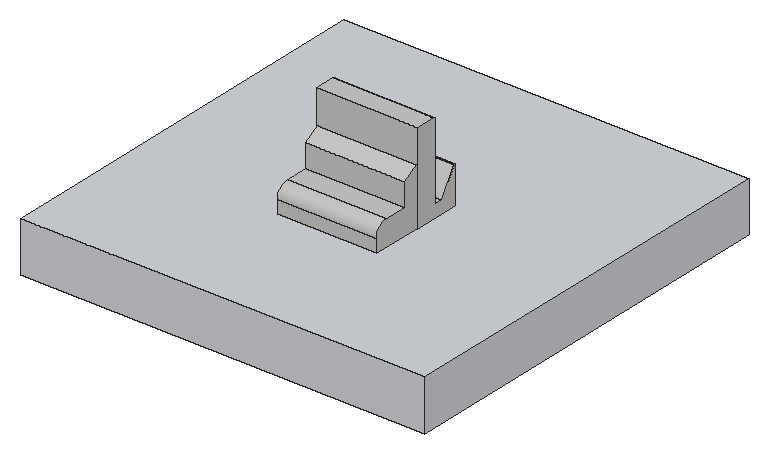
Revit family
Parameters (values of type "8981-1-IS-RL")
  Waste Connection = yes
  WFU = 0
  Voltage = 0
  Vent Connection = no
  URL = "http://www.neo-metro.com"
  Type Comments = ""
  Tempered Water Connection = no
  Revised Date = "03/19/13"
  Phone# = "626-336-4561"
  PDM-HP - Metering Liquid Soap System (Mira) = no
  PDM - Metering Liquid Soap System (Satin) = no
  Model = "8981-1-IS-RL"
  Material = Stainless Steel
  Manufacturer = "Neo-Metro"
  HWFU = 0
  HW Connection = yes
  HTR - Electric Water Heater = no
  Designed By = "ATS BIM Team"
  Description = "Straight Front Washbasin"
  Default Elevation = 34"
  DMJ-SO - Sensor Operated (Plug-in Power Supply) Deck Mounted L-Spout = no
  DMJ-SO - Sensor Operated (Plug-in Power Supply) Deck Mounted J-Spout = no
  DMJ-H - Hand Operated Deck Mounted L-Spout = no
  DMJ-H - Hand Operated Deck Mounted J-Spout = no
  CWFU = 0
  CW Connection = yes
  Assembly Code = ""
  Amperage = 0
  9 - Punching for Valve (Customer will provide own faucet/valves. Neo-Metro will provide hole punching to accomodate Customer's faucet.) Please provide Neo-Metro with faucet's specification drawings. (All holes punchings will be the same diameter.) = no
Reference planes (in)
  plane 1 "Center (Front/Back)": y = 0
  plane 2: z = 0
  plane 3 "Center (Left/Right)": x = 0
  plane 4: z = 21.5
  plane 5: y = -17
  plane 6: y = 6
  plane 7: y = -5
  plane 8: z = 6
  plane 9: y = -8.5
  plane 10: z = 9
  plane 11: z = 3
  plane 12: x = -11.75
  plane 13: x = 11.75
  plane 14: x = 7.8125
Forms (in)
  Extrusion 1, solid
    sketch origin (0, 0, 0) x (1, 0, 0) y (0, 1, 0)
      loop
        line (-48, 48) -> (-48, -48) -> (48, -48) -> (48, 48) -> (-48, 48)
    from 0 to -12
  Extrusion 2, solid, material "Stainless Steel" <- "Material"
    sketch origin (0, 0, 0) x (0, -1, 0) y (0, 0, 1)
      loop
        line (-6, 0) -> (17, 0) -> (17, 3)
        arc (17, 3) -> (16.12132, 5.12132) -> (14, 6) r 3
        line (14, 6) -> (8.5, 6) -> (8.5, 11.47927) -> (5, 13.5) -> (5, 21.5) -> (0.25, 21.5)
        arc (0.25, 21.5) -> (0.07322, 21.42678) -> (0, 21.25) r 0.25
        line (0, 21.25) -> (0, 3) -> (-2.0359, 3) -> (-5.5, 9) -> (-6, 9) -> (-6, 0)
    from -12 to 12
  Revolve 3, void
    sketch origin (0, 0, 12.125) x (1, 0, 0) y (0, 1, 0)
      loop
        line (0, 0) -> (0, -4)
        arc (0, -4) -> (4.36451, -2.96487) -> (7.77533, -0.05167) r 9.55235
        arc (7.77533, -0.05167) -> (7.81974, -0.01366) -> (7.87656, 0) r 0.125
        line (7.87656, 0) -> (8, 0) -> (8, 0.58601) -> (0, 0.58601) -> (0, 0)
      axis (0, -4) -> (0, 0.58601)
    angle from -90 to 270
  Extrusion 4, void
    sketch origin (0, 0, 0) x (1, 0, 0) y (0, 0, 1)
      loop
        circle (0, 12.08772) r 0.75
    from 3.71669 to 5.37972
  Revolve 5, solid, material "Stainless Steel" <- "Material"
    sketch origin (0, 4.95425, -2.11118) x (0, 0.275637, -0.961262) y (0, 0.961262, 0.275637)
      loop
        line (-9.65598, 1.43409) -> (-9.50729, 1.25047) -> (-9.60643, 1.17019) -> (-9.55254, 1.10365) -> (-9.40779, 1.22086) -> (-9.46168, 1.28741) -> (-9.41281, 1.32698) -> (-9.35892, 1.26043) -> (-9.04029, 1.51846)
        arc (-9.04029, 1.51846) -> (-8.89852, 1.7498) -> (-8.93392, 2.01881) r 0.40645
        line (-8.93392, 2.01881) -> (-9.65598, 1.43409)
      axis (-9.75512, 1.35382) -> (-8.93392, 2.01881)
    angle from 0 to 360
  Revolve 6, solid, material "Stainless Steel" <- "Material"
    sketch origin (0, 2.86383, -1.30923) x (0, 1, 0) y (0, 0, -1)
      loop
        line (0.98704, -8.30923) -> (1.81136, -8.30923) -> (1.81136, -7.73785) -> (1.55843, -7.73785)
        arc (1.55843, -7.73785) -> (1.1544, -7.9052) -> (0.98704, -8.30923) r 0.57138
      axis (1.81136, -8.30923) -> (0.98704, -8.30923)
    angle from 0 to 360
  Extrusion 7, void
    sketch origin (0, 0, 0) x (1, 0, 0) y (0, 1, 0)
      loop
        line (-11.75, -5) -> (-12, -5) -> (-12, -17) -> (-11.75, -17) -> (-11.75, -5)
      loop
        line (11.75, -5) -> (11.75, -17) -> (12, -17) -> (12, -5) -> (11.75, -5)
    from 0 to 21.5
Cuts and joins
  Revolve 3, Extrusion 4, Extrusion 7 cuts Extrusion 2
Dimensions and locks (in)
  plane 12 to plane 13 = 23 1/2"  (x2)
  plane 2 to plane 4 = 21 1/2"
  plane 13 to plane 3 "Center (Left/Right)" = 11 3/4"
  plane 10 to plane 2 = 9"
  plane 8 to plane 2 = 6"
  plane 7 to plane 1 "Center (Front/Back)" = 5"
  plane 9 to plane 7 = 3 1/2"
  plane 5 to plane 7 = 12"
  plane 5 to plane 1 "Center (Front/Back)" to plane 6 = 17", 6"
  aligned and locked: plane 2 to Extrusion 1
  aligned and locked: level to Extrusion 1
